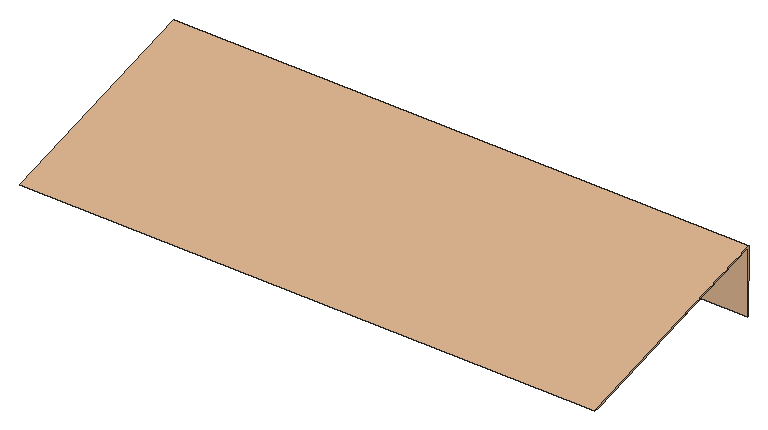
Revit family
Parameters
  Width = 3' - 0"
  Warranty Duration (Years) = 0
  URL = "http://www.asilockers.com/"
  Specification = "http://www.arcat.com/sdspecs/htm/10503asi.htm"
  Send Message = "http://www.arcat.com/users.pl?action=UserEmail&company=ASI%20Storage%20Solutions%20Inc.&coid=42798&rep=139&fax=901-312-6197&mf="
  Sales Information = "http://www.asilockers.com/company.html"
  Revision = "R1_08-2010"
  Product Properties = "http://www.arcat.com/bim/bim_info.pl?fn=ASIStorage"
  Product Data = "http://www.arcat.com/arcatcos/cos42/arc42798.html"
  Model = "As Specified in 10 51 13"
  Finish = "Powder Coated To Match Locker Color"
  Default Elevation = 0' - 0"
  Color [instance] = Paint - Almond #03
  Manufacturer Website = "http://www.asilockers.com/"
  Manufacturer Phone = "901-312-6195 "
  Manufacturer Fax = "901-312-6197"
  Manufacturer Address = "4444 Delp St., Memphis, TN 38118"
  Manufacturer = "ASI Storage Solutions Inc."
  Maintenance Schedule (Months) = 0
  Keynote = "10 51 13"
  Installation-Fabrication = "http://www.asilockers.com/installation-assembly/installation.pdf"
  Installation Phase = ""
  Height = 0' - 4"
  Expected Lifespan (Years) = 0
  Drawn By = "Robert S. Weygant, CSI, CDT, SCIP"
  Description = "As Specified in 10 51 13"
  Depth = 1' - 0"
  Copyright = "2010, ARCAT, Inc"
  Construction Details = "http://www.asilockers.com/installation-assembly/one-page-assembly.pdf"
  Color Chart = "http://www.asilockers.com/color-guide.html"
  Assembly Code = "E2010200"
Reference planes (in)
  plane 1 "Center (Front/Back)": y = -0.76892
  plane 2 "Bottom": z = 0
  plane 3 "Center (Left/Right)": x = -2
  plane 4 "Front": y = -6.76892
  plane 5 "Back": y = 5.23108
  plane 6 "Left": x = -20
  plane 7 "Right": x = 16
  plane 8 "BO Bench": z = 4
Forms (in)
  Extrusion 1, solid, material "Paint - Almond #03" <- "Color"
    sketch origin (-2, 0, 0) x (0, 1, 0) y (0, 0, 1)
      loop
        line (5.23108, 4) -> (-6.76892, 0) -> (-6.57128, 0) -> (5.16858, 3.91329) -> (5.16858, 0) -> (5.23108, 0) -> (5.23108, 4)
    from -18 to 18
Dimensions and locks (in)
  "Width": plane 6 "Left" to plane 7 "Right"
  "Depth": plane 5 "Back" to plane 4 "Front"
  equal spacing: plane 5 "Back", plane 1 "Center (Front/Back)", plane 4 "Front"
  equal spacing: plane 6 "Left", plane 3 "Center (Left/Right)", plane 7 "Right"
  "Height": plane 8 "BO Bench" to level
  aligned and locked: Extrusion 1 to plane 6 "Left"
  aligned and locked: plane 7 "Right" to Extrusion 1
Automatic sketch dimensions
  Extrusion 1 sketch curve to plane 4 "Front" = 0' - 0"
  Extrusion 1 sketch curve to plane 5 "Back" = 0' - 0"
  Extrusion 1 sketch curve to plane 8 "BO Bench" = 0' - 0"
  Extrusion 1 sketch curve to level = 0' - 0"  (x2)
  plane 4 "Front" to Extrusion 1 sketch curve = 0' - 0.19764"
  Extrusion 1 sketch curve to plane 5 "Back" = 0' - 0 1/16"
  Extrusion 1 sketch curve to plane 8 "BO Bench" = 0' - 0.08671"
